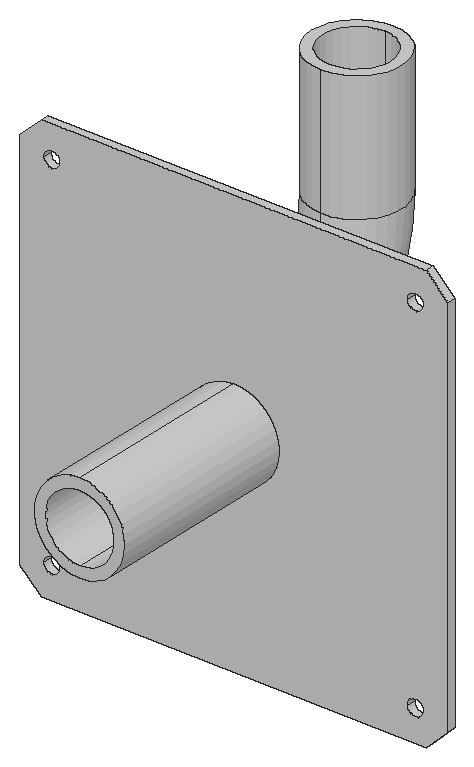
Revit family "OmegaFlex-TracPipe-Stub_Out-90º", category Pipe Accessories, Revit 2026
Family settings
  Round Connector Dimension = Use Radius
  Part Type = Breaks Into
  Classification Number = 23.60.30.11.17
  Work Plane-Based = No
  Always vertical = Yes
  Cut with Voids When Loaded = No
  Shared = No
Parameters (values of type "3/4"")
  Vertical Pipe Offset = Bend Radius  # 1 3/4"
  URL = "https://www.omegaflex.com/"
  TracPipe Inner Diameter [instance] = TracPipe Diameter - 1/4"  # 205/256"
  TracPipe Diameter [instance] = if(Bend Radius = 1 1/2", 215/256", 1 13/256")  # 1 13/256"
  Part Number [instance] = if(Bend Radius = 1 1/2", "FGP-ASP90S-500", "FGP-ASP90S-750")  # "FGP-ASP90S-750"
  Part Description [instance] = if(Bend Radius = 1 1/2", "Stub-Out - 1/2″ x 90º ", "Stub-Out - 3/4″ x 90º ")  # "Stub-Out - 3/4″ x 90º "
  Nominal Radius 1 [instance] = if(Bend Radius = 1 1/2", 1/4", 3/8")  # 3/8"
  Nominal Diameter 1 [instance] = Nominal Radius 1 * 2  # 3/4"
  Model = "TracPipe CounterStrike"  # constant formula
  Manufacturer = "OmegaFlex"
  Description = "See Part Description"
  Default Elevation = 0"
  Bend Radius = 1 3/4"
Types (2): name | Vertical Pipe Offset | TracPipe Inner Diameter | TracPipe Diameter | Part Number | Part Description | Nominal Radius 1 | Nominal Diameter 1 | Bend Radius
  1/2" | 1 1/2" | 151/256" | 215/256" | "FGP-ASP90S-500" | "Stub-Out - 1/2″ x 90º " | 1/4" | 1/2" | 1 1/2"
  3/4" | 1 3/4" | 205/256" | 1 13/256" | "FGP-ASP90S-750" | "Stub-Out - 3/4″ x 90º " | 3/8" | 3/4" | 1 3/4"
Reference planes (in)
  plane 1 "Center (Front/Back)": y = 0
  plane 2: z = 0
  plane 3 "Center (Left/Right)": x = 0
  plane 4: x = -2.5
  plane 5: x = 2.5
  plane 6: y = -0.1
  plane 7: z = 2.5
  plane 8: z = -2.5
  plane 9: x = -2.25
  plane 10: z = 2.25
  plane 11: x = 2.25
  plane 12: z = -2.25
  plane 13: z = 2.125
  plane 14: z = -2.125
  plane 15: x = 2.125
  plane 16: x = -2.125
  plane 17: y = 1.7
  plane 18: y = -2.35
  plane 19: y = -0.05
  plane 20: z = 3.25
Forms (in)
  Extrusion 1, solid, material "Stainless Steel - OmegaFlex"
    sketch origin (0, 0, 0) x (1, 0, 0) y (0, 0, 1)
      loop
        line (-2.25, 2.5) -> (-2.5, 2.25) -> (-2.5, -2.25) -> (-2.25, -2.5) -> (2.25, -2.5) -> (2.5, -2.25) -> (2.5, 2.25) -> (2.25, 2.5) -> (-2.25, 2.5)
      loop
        circle (-2.125, 2.125) r 0.094
      loop
        circle (2.125, 2.125) r 0.094
      loop
        circle (2.125, -2.125) r 0.094
      loop
        circle (-2.125, -2.125) r 0.094
      loop
        circle (0, 0) r 0.52539
    from 0 to 0.1
  Sweep 2, solid, material "Stainless Steel - OmegaFlex"
    path origin (0, 0, 0) x (0, 1, 0) y (0, 0, 1)
      loop
        line (1.7, 3.25) -> (1.7, 1.75)
        arc (1.7, 1.75) -> (1.18744, 0.51256) -> (-0.05, 0) r 1.75
        line (-0.05, 0) -> (-2.35, 0)
    profile origin (0, -1.2, 0) x (0, 0, -1) y (1, 0, 0)
      loop
        circle (0, 0) r 0.52539
      loop
        circle (0, 0) r 0.40039
Dimensions and locks (in)
  equal spacing: plane 7, plane 2, plane 8
  locked: plane 7 to plane 8 at 5
  locked: plane 6 to plane 1 "Center (Front/Back)" at 0.1
  locked: plane 7 to plane 10 at 0.25
  locked: plane 9 to plane 4 at 0.25
  locked: plane 11 to plane 5 at 0.25
  locked: plane 12 to plane 8 at 0.25
  equal spacing: plane 15, plane 3 "Center (Left/Right)", plane 16
  equal spacing: plane 13, plane 2, plane 14
  locked: plane 13 to plane 14 at 4.25
  locked: plane 15 to plane 16 at 4.25
  equal spacing: plane 1 "Center (Front/Back)", plane 19, plane 6
  "Vertical Pipe Offset": plane 17 to plane 19
  locked: plane 18 to plane 6 at 2.25
  locked: plane 20 to plane 2 at 3.25
  "Bend Radius": Sweep 2 sketch curve to plane 2
  "TracPipe Diameter": diameter of Extrusion 1 sketch curve
  "Bend Radius": radius of Sweep 2 sketch curve
  "TracPipe Diameter": diameter of Sweep 2 sketch curve
  "TracPipe Inner Diameter": diameter of Sweep 2 sketch curve
  aligned and locked: plane 2 to level
  aligned and locked: Extrusion 1 sketch curve to plane 7
  aligned and locked: Extrusion 1 sketch curve to plane 4
  aligned and locked: plane 5 to Extrusion 1 sketch curve
  aligned and locked: Extrusion 1 sketch curve to plane 8
  aligned and locked: plane 16 to Extrusion 1 sketch curve  (x2)
  aligned and locked: plane 13 to Extrusion 1 sketch curve  (x2)
  aligned and locked: plane 15 to Extrusion 1 sketch curve  (x2)
  aligned and locked: plane 14 to Extrusion 1 sketch curve  (x2)
  aligned and locked: plane 6 to Extrusion 1
  aligned and locked: plane 3 "Center (Left/Right)" to Extrusion 1 sketch curve
  aligned and locked: level to Extrusion 1 sketch curve
  aligned and locked: plane 17 to Sweep 2 sketch curve
  aligned and locked: plane 18 to Sweep 2 sketch curve
  aligned and locked: plane 19 to Sweep 2 sketch curve
  aligned and locked: plane 3 "Center (Left/Right)" to Sweep 2 sketch curve  (x2)
  aligned and locked: plane 2 to Sweep 2 sketch curve  (x2)
  aligned and locked: plane 20 to Sweep 2 sketch curve
Automatic sketch dimensions
  Extrusion 1 sketch curve to plane 9 = 0"  (x2)
  plane 11 to Extrusion 1 sketch curve = 0"  (x2)
  Extrusion 1 sketch curve to plane 12 = 0"  (x2)
  Extrusion 1 sketch curve to plane 10 = 0"  (x2)
  radius of Extrusion 1 sketch curve = 0.094"  (x4)
Connectors (in)
  piping at (0, -2.35, 0), diameter 0.75, driven by "Nominal Radius 1"
    settings: on Sweep 2, index 1, connector inside diameter 24", connector length 0", flow factor 0, pipe flow 0 GPM, pressure drop 0.00 psi, fitting loss kfactor 0, connector angle 0.00°, fixture units 0, engagement length 0", angle of deflection 0.00°, flow configuration 0, flow direction 0, fitting loss method 0, system type 28, joint type 0, gender type 0, connector reference index 2, connector utility 0, adjustable connector no, is connector primary yes, connector description ""
  piping at (0, 1.7, 3.25), diameter 0.75, driven by "Nominal Radius 1"
    settings: on Sweep 2, index 2, connector inside diameter 24", connector length 0", flow factor 0, pipe flow 0 GPM, pressure drop 0.00 psi, fitting loss kfactor 0, connector angle 0.00°, fixture units 0, engagement length 0", angle of deflection 0.00°, flow configuration 0, flow direction 0, fitting loss method 0, system type 28, joint type 0, gender type 0, connector reference index 1, connector utility 0, adjustable connector no, is connector primary no, connector description ""
